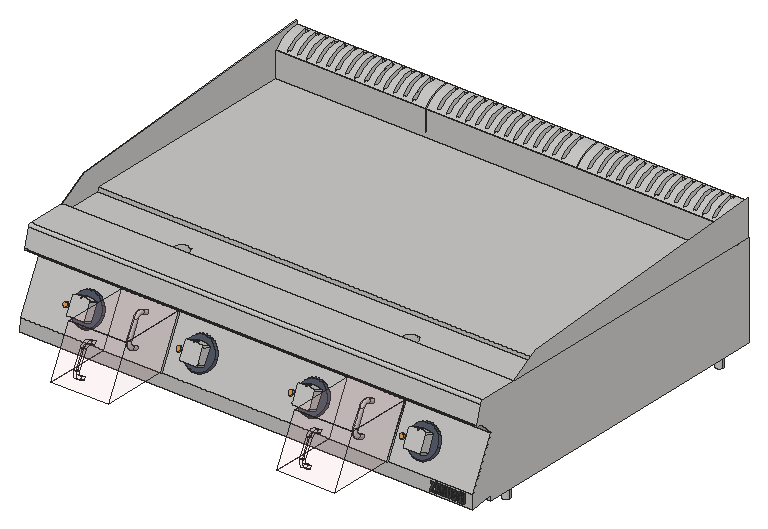
Revit family "QF_ZANUSSI_392404_Z9IIKDAOMIA", category Specialty Equipment, Revit 2018 (continued)
Automatic sketch dimensions
  plane 5 "FRONT" to curve 253 = 10.68 mm
  curve 269 to curve 255 = 1.333 mm
  curve 159 to curve 154 = 1.333 mm
  plane 5 "FRONT" to curve 143 = 10.68 mm
  curve 265 to curve 263 = 1.333 mm
  curve 143 to curve 138 = 1.333 mm
  curve 249 to curve 248 = 1.333 mm
  curve 159 to curve 145 = 1.333 mm
  curve 248 to curve 249 = 2.779 mm
  curve 145 to curve 146 = 2.779 mm
  curve 255 to curve 256 = 2.779 mm
  curve 138 to curve 139 = 2.779 mm
  curve 264 to curve 265 = 2.779 mm
  curve 129 to curve 130 = 2.779 mm
  curve 239 to curve 240 = 2.779 mm
  curve 154 to curve 155 = 2.779 mm
  curve 141 to plane 5 "FRONT" = 7.894 mm
  curve 242 to plane 5 "FRONT" = 7.894 mm
  curve 251 to plane 5 "FRONT" = 7.894 mm
  curve 148 to plane 5 "FRONT" = 7.894 mm
  curve 132 to plane 5 "FRONT" = 7.894 mm
  curve 157 to plane 5 "FRONT" = 7.894 mm
  curve 267 to plane 5 "FRONT" = 7.894 mm
  curve 258 to plane 5 "FRONT" = 7.894 mm
  curve 260 to plane 5 "FRONT" = 9.329 mm
  curve 244 to curve 241 = 41.91 mm
  curve 135 to curve 140 = 41.91 mm
  curve 241 to curve 250 = 0 mm
  curve 151 to curve 156 = 41.91 mm
  curve 261 to curve 266 = 41.91 mm
  curve 257 to curve 266 = 0 mm
  curve 131 to curve 140 = 0 mm
  curve 156 to curve 147 = 0 mm
  curve 7 to plane 5 "FRONT" = 137.461 mm
  curve 156 to curve 68 = 120.025 mm
  curve 140 to curve 270 = 120.025 mm
  curve 119 to curve 113 = 57.15 mm
  curve 114 to curve 118 = 0 mm
  curve 20 to curve 21 = 57.15 mm
  curve 117 to curve 121 = 0 mm
  curve 19 to curve 23 = 0 mm
  curve 17 to curve 20 = 0 mm
  curve 111 to curve 114 = 0 mm
  curve 81 to curve 87 = 57.15 mm
  curve 82 to curve 79 = 0 mm
  curve 108 to curve 110 = 0 mm
  curve 13 to curve 15 = 0 mm
  curve 78 to curve 76 = 0 mm
  curve 23 to curve 27 = 0 mm
  curve 103 to curve 105 = 0 mm
  curve 73 to curve 71 = 0 mm
  curve 121 to curve 100 = 0 mm
  curve 27 to curve 31 = 0 mm
  curve 97 to curve 95 = 0 mm
  curve 65 to curve 59 = 57.15 mm
  curve 94 to curve 91 = 0 mm
  curve 31 to curve 35 = 0 mm
  curve 64 to curve 61 = 0 mm
  curve 87 to curve 81 = 0 mm
  curve 35 to curve 39 = 0 mm
  curve 60 to curve 57 = 0 mm
  curve 43 to curve 47 = 57.15 mm
  curve 56 to curve 53 = 0 mm
  curve 50 to curve 43 = 0 mm
  curve 221 to curve 196 = 57.15 mm
  curve 217 to curve 220 = 0 mm
  curve 167 to curve 167 = 57.15 mm
  curve 213 to curve 216 = 0 mm
  curve 171 to curve 167 = 0 mm
  curve 209 to curve 212 = 0 mm
  curve 175 to curve 173 = 0 mm
  curve 206 to curve 208 = 0 mm
  curve 179 to curve 175 = 0 mm
  curve 201 to curve 203 = 0 mm
  curve 183 to curve 179 = 0 mm
  curve 219 to curve 198 = 0 mm
  curve 187 to curve 183 = 0 mm
  curve 193 to curve 187 = 0 mm
  plane 1 "BACK" to curve 199 = 6.761 mm
  plane 1 "BACK" to curve 186 = 6.761 mm
  plane 1 "BACK" to curve 207 = 6.761 mm
  plane 1 "BACK" to curve 173 = 6.761 mm
  plane 1 "BACK" to curve 215 = 6.761 mm
  plane 1 "BACK" to curve 46 = 6.761 mm
  plane 1 "BACK" to curve 219 = 6.761 mm
  plane 1 "BACK" to curve 83 = 6.761 mm
  plane 1 "BACK" to curve 55 = 6.761 mm
  plane 1 "BACK" to curve 41 = 6.761 mm
  plane 1 "BACK" to curve 38 = 6.761 mm
  plane 1 "BACK" to curve 34 = 6.761 mm
  plane 1 "BACK" to curve 63 = 6.761 mm
  plane 1 "BACK" to curve 73 = 6.761 mm
  plane 1 "BACK" to curve 26 = 6.761 mm
  plane 1 "BACK" to curve 77 = 6.761 mm
  plane 1 "BACK" to curve 120 = 6.761 mm
  plane 1 "BACK" to curve 17 = 6.761 mm
  plane 1 "BACK" to curve 14 = 6.761 mm
  plane 1 "BACK" to curve 104 = 6.761 mm
  plane 1 "BACK" to curve 99 = 6.761 mm
  plane 1 "BACK" to curve 96 = 6.761 mm
  curve 2 to plane 1 "BACK" = 100 mm
  curve 131 to curve 128 = 9.809 mm
  curve 133 to curve 132 = 0.284 mm
  curve 141 to curve 142 = 0.284 mm
  curve 137 to curve 140 = 9.809 mm
  curve 270 to curve 270 = 20 mm
  curve 241 to curve 238 = 9.809 mm
  curve 242 to curve 242 = 0.284 mm
  curve 251 to curve 252 = 0.284 mm
  curve 247 to curve 250 = 9.809 mm
  curve 257 to curve 254 = 9.809 mm
  curve 259 to curve 258 = 0.284 mm
  curve 267 to curve 267 = 0.284 mm
  curve 263 to curve 266 = 9.809 mm
  curve 68 to curve 67 = 20 mm
  curve 223 to curve 191 = 4.164 mm
  curve 156 to curve 153 = 9.809 mm
  curve 157 to curve 157 = 0.284 mm
  curve 148 to curve 149 = 0.284 mm
  curve 144 to curve 147 = 9.809 mm
  curve 132 to curve 132 = 0.567 mm
  curve 148 to curve 148 = 0.567 mm
  curve 267 to curve 267 = 0.567 mm
  curve 242 to curve 242 = 0.567 mm
  curve 251 to curve 251 = 0.567 mm
  curve 141 to curve 141 = 0.567 mm
  curve 258 to curve 258 = 0.567 mm
  curve 157 to curve 157 = 0.567 mm
  curve 132 to curve 131 = 1.156 mm
  curve 9 to curve 12 = 7.527 mm
  curve 223 to curve 191 = 5.939 mm
  Extrusion 1 sketch curve to plane 5 "FRONT" = 0 mm
  Extrusion 1 sketch curve to plane 1 "BACK" = 0 mm
  Extrusion 1 sketch curve to plane 5 "FRONT" = 15.116 mm
  Extrusion 1 sketch curve to Extrusion 1 sketch curve = 2.884 mm
  Extrusion 1 sketch curve to Extrusion 1 sketch curve = 10.198 mm
  Extrusion 1 sketch curve to plane 15 = 7.474 mm  (x2)
  Extrusion 1 sketch curve to plane 5 "FRONT" = 28.167 mm
  Extrusion 1 sketch curve to Extrusion 1 sketch curve = 7.474 mm
  Extrusion 1 sketch curve to plane 5 "FRONT" = 56.355 mm
  Extrusion 1 sketch curve to Extrusion 1 sketch curve = 0.445 mm
  Extrusion 1 sketch curve to Extrusion 1 sketch curve = 3.2 mm
  Extrusion 1 sketch curve to Extrusion 1 sketch curve = 31.82 mm  (x2)
  Extrusion 1 sketch curve to Extrusion 1 sketch curve = 45.515 mm
  Extrusion 1 sketch curve to Extrusion 1 sketch curve = 0.827 mm
  Extrusion 1 sketch curve to Extrusion 1 sketch curve = 120.856 mm
  Extrusion 1 sketch curve to Extrusion 1 sketch curve = 27.08 mm
  Extrusion 1 sketch curve to Extrusion 1 sketch curve = 35 mm
  Extrusion 1 sketch curve to Extrusion 1 sketch curve = 10.259 mm
  Extrusion 2 sketch curve to plane 13 = 0 mm  (x2)
  Extrusion 2 sketch curve to plane 14 = 0 mm  (x2)
  Extrusion 2 sketch curve to plane 5 "FRONT" = 125 mm  (x2)
  plane 1 "BACK" to Extrusion 2 sketch curve = 82 mm  (x2)
  plane 3 "LEFT" to Extrusion 3 sketch curve = 1.588 mm
  plane 1 "BACK" to Extrusion 3 sketch curve = 69.85 mm
  Extrusion 3 sketch curve to Extrusion 3 sketch curve = 1.588 mm
  plane 4 "RIGHT" to Extrusion 3 sketch curve = 1.588 mm
  plane 4 "RIGHT" to Extrusion 4 sketch curve = 1.588 mm
  plane 1 "BACK" to Extrusion 4 sketch curve = 71.438 mm
  plane 3 "LEFT" to Extrusion 4 sketch curve = 1.588 mm
  Extrusion 4 sketch curve to plane 5 "FRONT" = 137.461 mm
  plane 14 to Extrusion 5 sketch curve = 45 mm
  Extrusion 5 sketch curve to plane 8 "Center X" = 196.5 mm
  plane 5 "FRONT" to Extrusion 6 sketch curve = 0 mm  (x2)
  Extrusion 6 sketch curve to plane 3 "LEFT" = 0 mm
  Extrusion 6 sketch curve to plane 4 "RIGHT" = 0 mm
  plane 1 "BACK" to Extrusion 6 sketch curve = 0 mm
  Extrusion 6 sketch curve to plane 3 "LEFT" = 150 mm
  Extrusion 6 sketch curve to plane 4 "RIGHT" = 150 mm
  Extrusion 6 sketch curve to plane 1 "BACK" = 100 mm
  Extrusion 7 sketch curve to plane 15 = 21.588 mm
  Extrusion 7 sketch curve to plane 5 "FRONT" = 255 mm
  plane 1 "BACK" to Extrusion 7 sketch curve = 71.438 mm
  Extrusion 7 sketch curve to Extrusion 7 sketch curve = 11.294 mm
  plane 14 to Extrusion 8 sketch curve = 290.6 mm
  Extrusion 8 sketch curve to plane 5 "FRONT" = 171.264 mm
  Extrusion 9 sketch curve to plane 15 = 0 mm
  Extrusion 9 sketch curve to plane 1 "BACK" = 0 mm
  Extrusion 9 sketch curve to plane 16 = 0 mm
  plane 15 to Extrusion 9 sketch curve = 42.5 mm
  Extrusion 9 sketch curve to plane 5 "FRONT" = 211.073 mm
  Extrusion 9 sketch curve to Extrusion 9 sketch curve = 73.612 mm
  Extrusion 10 sketch curve to plane 15 = 0 mm
  Extrusion 10 sketch curve to plane 1 "BACK" = 0 mm
  plane 1 "BACK" to Extrusion 10 sketch curve = 4.947 mm
  Extrusion 10 sketch curve to plane 16 = 39 mm
  plane 1 "BACK" to Extrusion 10 sketch curve = 69.85 mm
  plane 15 to Extrusion 10 sketch curve = 4.793 mm
  plane 1 "BACK" to Extrusion 11 sketch curve = 6.761 mm  (x14)
  Extrusion 11 sketch curve to Extrusion 11 sketch curve = 57.15 mm
  Extrusion 11 sketch curve to Extrusion 11 sketch curve = 0 mm  (x13)
  plane 13 to Extrusion 11 sketch curve = 18.703 mm
  Extrusion 11 sketch curve to Extrusion 11 sketch curve = 9.296 mm  (x14)
  Extrusion 11 sketch curve to Extrusion 11 sketch curve = 16.193 mm  (x13)
  Extrusion 12 sketch curve to plane 15 = 0 mm
  Extrusion 12 sketch curve to plane 1 "BACK" = 0 mm
  plane 1 "BACK" to Extrusion 12 sketch curve = 4.947 mm
  Extrusion 12 sketch curve to plane 16 = 39 mm
  plane 1 "BACK" to Extrusion 12 sketch curve = 69.85 mm
  Extrusion 12 sketch curve to plane 16 = 8.3 mm
  plane 1 "BACK" to Extrusion 13 sketch curve = 6.761 mm  (x14)
  Extrusion 13 sketch curve to plane 7 "Center Y" = 21.274 mm
  Extrusion 13 sketch curve to Extrusion 13 sketch curve = 57.15 mm
  plane 7 "Center Y" to Extrusion 13 sketch curve = 4.214 mm
  Extrusion 13 sketch curve to Extrusion 13 sketch curve = 0 mm  (x13)
  Extrusion 13 sketch curve to Extrusion 13 sketch curve = 16.193 mm  (x12)
  Extrusion 13 sketch curve to Extrusion 13 sketch curve = 9.296 mm  (x14)
  plane 13 to Blend 14 sketch curve = 144 mm  (x2)
  plane 13 to Extrusion 15 sketch curve = 121 mm
  Extrusion 15 sketch curve to Extrusion 15 sketch curve = 2.997 mm  (x3)
  Extrusion 15 sketch curve to Extrusion 15 sketch curve = 20.003 mm  (x2)
  Extrusion 15 sketch curve to Extrusion 15 sketch curve = 40.005 mm
  Extrusion 15 sketch curve to Extrusion 15 sketch curve = 5.399 mm
  Extrusion 15 sketch curve to Extrusion 15 sketch curve = 40.037 mm
  Extrusion 15 sketch curve to Extrusion 15 sketch curve = 0 mm  (x2)
  plane 13 to Extrusion 16 sketch curve = 126.5 mm
  Extrusion 16 sketch curve to Extrusion 16 sketch curve = 35 mm  (x2)
  Extrusion 17 sketch curve to plane 5 "FRONT" = 9.329 mm
  Extrusion 17 sketch curve to plane 15 = 112.016 mm
  Extrusion 17 sketch curve to Extrusion 17 sketch curve = 3 mm
  Extrusion 17 sketch curve to Extrusion 17 sketch curve = 0 mm
  Extrusion 17 sketch curve to Extrusion 17 sketch curve = 1 mm  (x2)
  Extrusion 17 sketch curve to Extrusion 17 sketch curve = 15 mm
  plane 13 to Extrusion 18 sketch curve = 88.999 mm
  plane 14 to Blend 19 sketch curve = 141.5 mm  (x2)
  plane 14 to Extrusion 20 sketch curve = 164.5 mm
  Extrusion 20 sketch curve to Extrusion 20 sketch curve = 2.997 mm  (x3)
  Extrusion 20 sketch curve to Extrusion 20 sketch curve = 20.003 mm  (x2)
  Extrusion 20 sketch curve to Extrusion 20 sketch curve = 40.005 mm
  Extrusion 20 sketch curve to Extrusion 20 sketch curve = 5.399 mm
  Extrusion 20 sketch curve to Extrusion 20 sketch curve = 40.037 mm
  Extrusion 20 sketch curve to Extrusion 20 sketch curve = 0 mm  (x2)
  plane 14 to Extrusion 21 sketch curve = 159 mm
  Extrusion 21 sketch curve to Extrusion 21 sketch curve = 35 mm  (x2)
  Extrusion 22 sketch curve to plane 5 "FRONT" = 9.329 mm
  Extrusion 22 sketch curve to plane 15 = 112.016 mm
  Extrusion 22 sketch curve to Extrusion 22 sketch curve = 3 mm
  Extrusion 22 sketch curve to Extrusion 22 sketch curve = 0 mm
  Extrusion 22 sketch curve to Extrusion 22 sketch curve = 1 mm  (x2)
  Extrusion 22 sketch curve to Extrusion 22 sketch curve = 15 mm
  plane 14 to Extrusion 23 sketch curve = 196.501 mm
  plane 13 to Extrusion 24 sketch curve = 213 mm
  Extrusion 24 sketch curve to Extrusion 24 sketch curve = 135 mm
  Extrusion 24 sketch curve to Extrusion 24 sketch curve = 152 mm
  Sweep 25 sketch curve to plane 5 "FRONT" = 28.401 mm
  Sweep 25 sketch curve to plane 15 = 108.706 mm
  Sweep 25 sketch curve to Sweep 25 sketch curve = 10.999 mm  (x2)
  Sweep 25 sketch curve to Sweep 25 sketch curve = 46.803 mm
  Sweep 25 sketch curve to Sweep 25 sketch curve = 15.875 mm  (x2)
  Sweep 25 sketch curve to profile plane = 0 mm
  profile plane to Sweep 25 sketch curve = 4.691 mm
  plane 9 to Extrusion 26 sketch curve = 73.078 mm
  Extrusion 26 sketch curve to plane 15 = 87.017 mm
  Extrusion 26 sketch curve to Extrusion 26 sketch curve = 156.574 mm
  Extrusion 26 sketch curve to Extrusion 26 sketch curve = 57.244 mm
  Extrusion 26 sketch curve to Extrusion 26 sketch curve = 135 mm  (x2)
  Extrusion 27 sketch curve to Extrusion 27 sketch curve = 0 mm  (x6)
  plane 9 to Extrusion 27 sketch curve = 23.322 mm
  Extrusion 27 sketch curve to plane 15 = 105.731 mm
  Extrusion 27 sketch curve to Extrusion 27 sketch curve = 9.4 mm  (x2)
  Extrusion 27 sketch curve to Extrusion 27 sketch curve = 10.485 mm  (x2)
  Extrusion 27 sketch curve to Extrusion 27 sketch curve = 16.355 mm  (x2)
  Extrusion 27 sketch curve to Extrusion 27 sketch curve = 47.769 mm
  Extrusion 27 sketch curve to Extrusion 27 sketch curve = 0.014 mm
  Extrusion 27 sketch curve to Extrusion 27 sketch curve = 9.369 mm
  Extrusion 27 sketch curve to Extrusion 27 sketch curve = 0.044 mm
  Extrusion 28 sketch curve to plane 15 = 0 mm
  Extrusion 28 sketch curve to plane 1 "BACK" = 0 mm
  plane 1 "BACK" to Extrusion 28 sketch curve = 4.947 mm
  Extrusion 28 sketch curve to plane 16 = 39 mm
  plane 1 "BACK" to Extrusion 28 sketch curve = 69.85 mm
  Extrusion 28 sketch curve to plane 16 = 8.3 mm
  plane 1 "BACK" to Extrusion 29 sketch curve = 6.761 mm  (x14)
  Extrusion 29 sketch curve to Extrusion 29 sketch curve = 57.15 mm
  Extrusion 29 sketch curve to Extrusion 29 sketch curve = 0 mm  (x13)
  plane 7 "Center Y" to Extrusion 29 sketch curve = 225.796 mm
  Extrusion 29 sketch curve to Extrusion 29 sketch curve = 9.296 mm  (x14)
  Extrusion 29 sketch curve to Extrusion 29 sketch curve = 16.193 mm  (x13)
  Extrusion 1 to Extrusion 30 sketch curve = 41 mm
  Extrusion 1 to Extrusion 30 sketch curve = 47 mm
  plane 7 "Center Y" to Extrusion 31 sketch curve = 224 mm
  Extrusion 31 sketch curve to Extrusion 31 sketch curve = 135 mm
  Extrusion 31 sketch curve to Extrusion 31 sketch curve = 152 mm
  Sweep 32 sketch curve to plane 5 "FRONT" = 28.401 mm
  Sweep 32 sketch curve to plane 15 = 108.706 mm
  Sweep 32 sketch curve to Sweep 32 sketch curve = 10.999 mm  (x2)
  Sweep 32 sketch curve to Sweep 32 sketch curve = 46.803 mm
  Sweep 32 sketch curve to Sweep 32 sketch curve = 15.875 mm  (x2)
  Sweep 32 sketch curve to profile plane = 0 mm
  profile plane to Sweep 32 sketch curve = 4.691 mm
  Blend 33 sketch curve to plane 7 "Center Y" = 145 mm  (x2)
  Extrusion 34 sketch curve to plane 7 "Center Y" = 168 mm
  Extrusion 34 sketch curve to Extrusion 34 sketch curve = 2.997 mm  (x3)
  Extrusion 34 sketch curve to Extrusion 34 sketch curve = 20.003 mm  (x2)
  Extrusion 34 sketch curve to Extrusion 34 sketch curve = 40.005 mm
  Extrusion 34 sketch curve to Extrusion 34 sketch curve = 5.399 mm
  Extrusion 34 sketch curve to Extrusion 34 sketch curve = 40.037 mm
  Extrusion 34 sketch curve to Extrusion 34 sketch curve = 0 mm  (x2)
  Extrusion 35 sketch curve to plane 7 "Center Y" = 162.5 mm
  Extrusion 35 sketch curve to Extrusion 35 sketch curve = 35 mm  (x2)
  Extrusion 36 sketch curve to plane 5 "FRONT" = 9.329 mm
  Extrusion 36 sketch curve to plane 15 = 112.016 mm
  Extrusion 36 sketch curve to Extrusion 36 sketch curve = 3 mm
  Extrusion 36 sketch curve to Extrusion 36 sketch curve = 0 mm
  Extrusion 36 sketch curve to Extrusion 36 sketch curve = 1 mm  (x2)
  Extrusion 36 sketch curve to Extrusion 36 sketch curve = 15 mm
  Extrusion 37 sketch curve to plane 7 "Center Y" = 200.001 mm
  plane 7 "Center Y" to Blend 38 sketch curve = 152.5 mm  (x2)
  plane 7 "Center Y" to Extrusion 39 sketch curve = 129.5 mm
  Extrusion 39 sketch curve to Extrusion 39 sketch curve = 2.997 mm  (x3)
  Extrusion 39 sketch curve to Extrusion 39 sketch curve = 20.003 mm  (x2)
  Extrusion 39 sketch curve to Extrusion 39 sketch curve = 40.005 mm
  Extrusion 39 sketch curve to Extrusion 39 sketch curve = 5.399 mm
  Extrusion 39 sketch curve to Extrusion 39 sketch curve = 40.037 mm
  Extrusion 39 sketch curve to Extrusion 39 sketch curve = 0 mm  (x2)
  plane 7 "Center Y" to Extrusion 40 sketch curve = 135 mm
  Extrusion 40 sketch curve to Extrusion 40 sketch curve = 35 mm  (x2)
  Extrusion 41 sketch curve to plane 5 "FRONT" = 9.329 mm
  Extrusion 41 sketch curve to plane 15 = 112.016 mm
  Extrusion 41 sketch curve to Extrusion 41 sketch curve = 3 mm
  Extrusion 41 sketch curve to Extrusion 41 sketch curve = 0 mm
  Extrusion 41 sketch curve to Extrusion 41 sketch curve = 1 mm  (x2)
  Extrusion 41 sketch curve to Extrusion 41 sketch curve = 15 mm
  plane 7 "Center Y" to Extrusion 42 sketch curve = 97.499 mm
  plane 9 to Extrusion 43 sketch curve = 73.078 mm
  Extrusion 43 sketch curve to plane 15 = 87.017 mm
  Extrusion 43 sketch curve to Extrusion 43 sketch curve = 156.574 mm
  Extrusion 43 sketch curve to Extrusion 43 sketch curve = 57.244 mm
  Extrusion 43 sketch curve to Extrusion 43 sketch curve = 135 mm  (x2)
  Extrusion 44 sketch curve to Extrusion 44 sketch curve = 0 mm  (x6)
  plane 9 to Extrusion 44 sketch curve = 23.322 mm
  Extrusion 44 sketch curve to plane 15 = 105.731 mm
  Extrusion 44 sketch curve to Extrusion 44 sketch curve = 9.4 mm  (x2)
  Extrusion 44 sketch curve to Extrusion 44 sketch curve = 10.485 mm  (x2)
  Extrusion 44 sketch curve to Extrusion 44 sketch curve = 16.355 mm  (x2)
  Extrusion 44 sketch curve to Extrusion 44 sketch curve = 47.769 mm
  Extrusion 44 sketch curve to Extrusion 44 sketch curve = 0.014 mm
  Extrusion 44 sketch curve to Extrusion 44 sketch curve = 9.369 mm
  Extrusion 44 sketch curve to Extrusion 44 sketch curve = 0.044 mm
  plane 13 to Extrusion 45 sketch curve = 280.6 mm
  Extrusion 45 sketch curve to plane 5 "FRONT" = 171.264 mm
  Extrusion 46 sketch curve to plane 15 = 0 mm
  Extrusion 46 sketch curve to plane 1 "BACK" = 0 mm
  Extrusion 46 sketch curve to plane 16 = 0 mm
  plane 15 to Extrusion 46 sketch curve = 42.5 mm
  Extrusion 46 sketch curve to plane 5 "FRONT" = 211.073 mm
  Extrusion 46 sketch curve to Extrusion 46 sketch curve = 73.612 mm
  curve 7 to curve 272 = 117.539 mm
  radius of Extrusion 2 sketch curve = 9.525 mm  (x4)
  radius of Extrusion 5 sketch curve = 6.35 mm  (x2)
  radius of Extrusion 8 sketch curve = 20 mm
  radius of Blend 14 sketch curve = 42.5 mm
  radius of Blend 14 sketch curve = 40.5 mm
  radius of Split face 1 sketch curve = 1.5 mm
  radius of Split face 2 sketch curve = 1.5 mm
  radius of Split face 3 sketch curve = 1.5 mm
  radius of Split face 4 sketch curve = 1.5 mm
  radius of Split face 5 sketch curve = 1.5 mm
  radius of Split face 6 sketch curve = 1.5 mm
  radius of Split face 7 sketch curve = 1.5 mm
  radius of Split face 8 sketch curve = 1.5 mm
  radius of Split face 9 sketch curve = 1.5 mm
  radius of Extrusion 18 sketch curve = 6 mm
  radius of Blend 19 sketch curve = 42.5 mm
  radius of Blend 19 sketch curve = 40.5 mm
  radius of Extrusion 23 sketch curve = 6 mm
  radius of Sweep 25 sketch curve = 4.691 mm
  radius of Extrusion 30 sketch curve = 6.5 mm
  radius of Sweep 32 sketch curve = 4.691 mm
  radius of Blend 33 sketch curve = 42.5 mm
  radius of Blend 33 sketch curve = 40.5 mm
  radius of Split face 10 sketch curve = 1.5 mm
  radius of Split face 11 sketch curve = 1.5 mm
  radius of Split face 12 sketch curve = 1.5 mm
  radius of Split face 13 sketch curve = 1.5 mm
  radius of Split face 14 sketch curve = 1.5 mm
  radius of Split face 15 sketch curve = 1.5 mm
  radius of Split face 16 sketch curve = 1.5 mm
  radius of Split face 17 sketch curve = 1.5 mm
  radius of Split face 18 sketch curve = 1.5 mm
  radius of Extrusion 37 sketch curve = 6 mm
  radius of Blend 38 sketch curve = 42.5 mm
  radius of Blend 38 sketch curve = 40.5 mm
  radius of Extrusion 42 sketch curve = 6 mm
  radius of Extrusion 45 sketch curve = 20 mm
Nested families
  nested 1: "ZAN_Logo_S" at (1133.976, -915, 673.49) x (1, 0, 0) z (0, -1, 0), type "ZAN_Logo_S"
Connectors
  electrical at (1144, -50, 645)
    settings: on Extrusion 5, index 1, voltage 400 V, apparent load 15000 VA, apparent load phase1 0 VA, apparent load phase2 0 VA, apparent load phase3 0 VA, power factor 1, load classification "Other", number of poles 1, system type 30, power factor state 1, is connector primary yes, connector utility no, sub classification motor no, connector description "ELECTRICAL CONNECTION"
  electrical at (1153, 10, 691)
    settings: on Extrusion 30, index 2, voltage 0 V, apparent load 0 VA, apparent load phase1 0 VA, apparent load phase2 0 VA, apparent load phase3 0 VA, power factor 1, load classification "Altro", number of poles 1, system type 30, power factor state 1, is connector primary no, connector utility no, sub classification motor no, connector description "ELECTRICAL CONNECTION"
  electrical at (1144, -654, 645)
    settings: on Extrusion 5, index 3, voltage 0 V, apparent load 0 VA, apparent load phase1 0 VA, apparent load phase2 0 VA, apparent load phase3 0 VA, power factor 1, load classification "Altro", number of poles 1, system type 30, power factor state 1, is connector primary no, connector utility no, sub classification motor no, connector description "ELECTRICAL CONNECTION"
Definition of nested family "ZAN_Logo_S"
  Parameters (values of type "ZAN_Logo_S")
    materiale [instance] = none
    Default Elevation = 0 mm
  Reference planes
    plane 1 "Centro (Fronte/Retro)": y = 0
    plane 2: z = 0
    plane 3 "Centro (Sinistra/Destra)": x = 0
    plane 4: x = 60.13
  Forms (mm)
    Extrusion 1, solid
      sketch origin (0, 0, 0) x (1, 0, 0) y (0, 1, 0)
        loop
          line (-1219.2, 1219.2) -> (-1219.2, -1219.2) -> (1219.2, -1219.2) -> (1219.2, 1219.2) -> (-1219.2, 1219.2)
      from 0 to -304.8
    Extrusion 2, solid, material <- "materiale"
      sketch origin (17.793, -46.218, 0) x (-1, 0, 0) y (0, -1, 0)
        loop
          spline (-4.176, -58.079) -> (-3.496, -58.328) -> (-2.793, -58.512) -> (-2.075, -58.63) -> (-1.348, -58.682) -> (-0.619, -58.669) -> (0.106, -58.588) -> (0.818, -58.44) -> (1.512, -58.225) -> (2.18, -57.941) -> (2.817, -57.589) -> (3.414, -57.167) -> (3.966, -56.676)
          spline (3.966, -56.676) -> (4.293, -56.162) -> (4.575, -55.61) -> (4.81, -55.026) -> (5, -54.419) -> (5.146, -53.797) -> (5.247, -53.166) -> (5.304, -52.536) -> (5.318, -51.913) -> (5.288, -51.306) -> (5.217, -50.723) -> (5.103, -50.17) -> (4.949, -49.657)
          line (4.949, -49.657) -> (2.702, -46.428) -> (0.316, -44.323)
          spline (0.316, -44.323) -> (0.065, -44.115) -> (-0.195, -43.909) -> (-0.46, -43.704) -> (-0.729, -43.496) -> (-0.997, -43.282) -> (-1.263, -43.059) -> (-1.523, -42.825) -> (-1.774, -42.576) -> (-2.013, -42.309) -> (-2.238, -42.022) -> (-2.445, -41.712) -> (-2.632, -41.375)
          spline (-2.632, -41.375) -> (-2.666, -41.159) -> (-2.697, -40.934) -> (-2.722, -40.701) -> (-2.736, -40.465) -> (-2.736, -40.227) -> (-2.72, -39.989) -> (-2.682, -39.754) -> (-2.621, -39.524) -> (-2.533, -39.302) -> (-2.414, -39.091) -> (-2.261, -38.892) -> (-2.07, -38.708)
          line (-2.07, -38.708) -> (-0.245, -38.567)
          spline (-0.245, -38.567) -> (0.096, -38.8) -> (0.354, -39.074) -> (0.54, -39.381) -> (0.664, -39.716) -> (0.738, -40.073) -> (0.772, -40.445) -> (0.777, -40.825) -> (0.763, -41.208) -> (0.742, -41.588) -> (0.723, -41.957) -> (0.718, -42.309) -> (0.737, -42.638)
          line (0.737, -42.638) -> (5.65, -42.638)
          spline (5.65, -42.638) -> (5.708, -42.042) -> (5.741, -41.448) -> (5.747, -40.857) -> (5.723, -40.273) -> (5.668, -39.696) -> (5.58, -39.129) -> (5.457, -38.574) -> (5.297, -38.032) -> (5.098, -37.506) -> (4.857, -36.997) -> (4.574, -36.508) -> (4.247, -36.041)
          spline (4.247, -36.041) -> (3.844, -35.675) -> (3.409, -35.35) -> (2.946, -35.065) -> (2.458, -34.819) -> (1.949, -34.612) -> (1.421, -34.444) -> (0.88, -34.314) -> (0.326, -34.221) -> (-0.234, -34.165) -> (-0.8, -34.146) -> (-1.366, -34.163) -> (-1.93, -34.216)
          spline (-1.93, -34.216) -> (-2.526, -34.309) -> (-3.116, -34.448) -> (-3.695, -34.633) -> (-4.259, -34.861) -> (-4.801, -35.131) -> (-5.316, -35.444) -> (-5.799, -35.798) -> (-6.245, -36.191) -> (-6.648, -36.624) -> (-7.002, -37.095) -> (-7.303, -37.603) -> (-7.545, -38.146)
          spline (-7.545, -38.146) -> (-7.694, -38.815) -> (-7.792, -39.487) -> (-7.839, -40.158) -> (-7.836, -40.824) -> (-7.785, -41.482) -> (-7.685, -42.129) -> (-7.539, -42.762) -> (-7.347, -43.377) -> (-7.111, -43.97) -> (-6.83, -44.538) -> (-6.506, -45.078) -> (-6.141, -45.586)
          line (-6.141, -45.586) -> (-0.526, -50.64) -> (0.176, -51.482)
          spline (0.176, -51.482) -> (0.248, -51.66) -> (0.323, -51.843) -> (0.397, -52.03) -> (0.467, -52.22) -> (0.529, -52.412) -> (0.579, -52.605) -> (0.615, -52.798) -> (0.633, -52.989) -> (0.63, -53.179) -> (0.601, -53.366) -> (0.545, -53.55) -> (0.456, -53.728)
          spline (0.456, -53.728) -> (0.375, -53.892) -> (0.273, -54.034) -> (0.154, -54.155) -> (0.02, -54.258) -> (-0.126, -54.343) -> (-0.28, -54.412) -> (-0.441, -54.466) -> (-0.604, -54.508) -> (-0.767, -54.537) -> (-0.928, -54.556) -> (-1.082, -54.567) -> (-1.228, -54.57)
          line (-1.228, -54.57) -> (-2.632, -53.587) -> (-2.772, -50.64) -> (-7.405, -50.64)
          spline (-7.405, -50.64) -> (-7.41, -51.031) -> (-7.423, -51.432) -> (-7.44, -51.839) -> (-7.456, -52.251) -> (-7.469, -52.665) -> (-7.475, -53.079) -> (-7.468, -53.489) -> (-7.446, -53.894) -> (-7.404, -54.291) -> (-7.339, -54.679) -> (-7.247, -55.053) -> (-7.123, -55.412)
          spline (-7.123, -55.412) -> (-6.999, -55.693) -> (-6.837, -55.97) -> (-6.643, -56.244) -> (-6.422, -56.509) -> (-6.177, -56.765) -> (-5.913, -57.009) -> (-5.634, -57.238) -> (-5.346, -57.45) -> (-5.051, -57.643) -> (-4.755, -57.814) -> (-4.462, -57.96) -> (-4.176, -58.079)
        loop
          spline (-21.021, -55.552) -> (-20.633, -56.181) -> (-20.177, -56.736) -> (-19.661, -57.217) -> (-19.092, -57.627) -> (-18.478, -57.966) -> (-17.827, -58.237) -> (-17.147, -58.441) -> (-16.446, -58.578) -> (-15.73, -58.652) -> (-15.009, -58.662) -> (-14.29, -58.611) -> (-13.581, -58.5)
          spline (-13.581, -58.5) -> (-13.088, -58.407) -> (-12.595, -58.269) -> (-12.109, -58.088) -> (-11.636, -57.866) -> (-11.183, -57.605) -> (-10.756, -57.307) -> (-10.361, -56.974) -> (-10.004, -56.608) -> (-9.692, -56.211) -> (-9.431, -55.784) -> (-9.228, -55.33) -> (-9.089, -54.851)
          spline (-9.089, -54.851) -> (-8.873, -54.211) -> (-8.715, -53.559) -> (-8.615, -52.901) -> (-8.574, -52.241) -> (-8.592, -51.585) -> (-8.668, -50.938) -> (-8.802, -50.306) -> (-8.995, -49.693) -> (-9.247, -49.106) -> (-9.557, -48.55) -> (-9.925, -48.03) -> (-10.352, -47.551)
          line (-10.352, -47.551) -> (-15.546, -42.919) -> (-16.669, -41.234)
          spline (-16.669, -41.234) -> (-16.704, -41.021) -> (-16.735, -40.804) -> (-16.761, -40.583) -> (-16.778, -40.361) -> (-16.784, -40.139) -> (-16.774, -39.919) -> (-16.748, -39.701) -> (-16.7, -39.488) -> (-16.63, -39.28) -> (-16.533, -39.08) -> (-16.406, -38.889) -> (-16.248, -38.708)
          line (-16.248, -38.708) -> (-14.844, -38.427)
          spline (-14.844, -38.427) -> (-14.347, -38.545) -> (-13.969, -38.749) -> (-13.695, -39.028) -> (-13.508, -39.368) -> (-13.393, -39.757) -> (-13.335, -40.182) -> (-13.318, -40.63) -> (-13.326, -41.089) -> (-13.344, -41.546) -> (-13.356, -41.988) -> (-13.347, -42.403) -> (-13.3, -42.779)
          line (-13.3, -42.779) -> (-8.387, -42.638)
          spline (-8.387, -42.638) -> (-8.326, -42.034) -> (-8.288, -41.417) -> (-8.277, -40.794) -> (-8.299, -40.169) -> (-8.357, -39.548) -> (-8.457, -38.936) -> (-8.604, -38.339) -> (-8.803, -37.762) -> (-9.058, -37.21) -> (-9.375, -36.689) -> (-9.758, -36.204) -> (-10.212, -35.76)
          spline (-10.212, -35.76) -> (-10.793, -35.336) -> (-11.409, -34.976) -> (-12.054, -34.679) -> (-12.723, -34.445) -> (-13.409, -34.273) -> (-14.107, -34.163) -> (-14.811, -34.115) -> (-15.515, -34.127) -> (-16.213, -34.2) -> (-16.899, -34.333) -> (-17.568, -34.526) -> (-18.213, -34.777)
          spline (-18.213, -34.777) -> (-18.496, -34.897) -> (-18.783, -35.044) -> (-19.071, -35.216) -> (-19.357, -35.412) -> (-19.639, -35.629) -> (-19.915, -35.865) -> (-20.182, -36.119) -> (-20.438, -36.389) -> (-20.681, -36.672) -> (-20.907, -36.967) -> (-21.115, -37.272) -> (-21.301, -37.585)
          spline (-21.301, -37.585) -> (-21.55, -38.26) -> (-21.734, -38.948) -> (-21.854, -39.647) -> (-21.91, -40.351) -> (-21.901, -41.057) -> (-21.828, -41.761) -> (-21.69, -42.459) -> (-21.489, -43.148) -> (-21.222, -43.823) -> (-20.892, -44.48) -> (-20.497, -45.116) -> (-20.038, -45.726)
          line (-20.038, -45.726) -> (-14.142, -51.061) -> (-13.44, -52.886) -> (-14.002, -54.289) -> (-15.265, -54.57) -> (-16.669, -53.587) -> (-16.81, -50.78) -> (-21.582, -50.64)
          spline (-21.582, -50.64) -> (-21.558, -51.063) -> (-21.55, -51.491) -> (-21.554, -51.92) -> (-21.561, -52.35) -> (-21.567, -52.778) -> (-21.565, -53.201) -> (-21.547, -53.619) -> (-21.509, -54.029) -> (-21.444, -54.43) -> (-21.345, -54.818) -> (-21.206, -55.193) -> (-21.021, -55.552)
        loop
          line (-22.424, -34.216) -> (-27.337, -34.216) -> (-27.337, -58.22) -> (-22.424, -58.22) -> (-22.424, -34.216)
        loop
          line (14.213, -39.971) -> (14.213, -58.22) -> (19.126, -58.22) -> (19.126, -42.077) -> (18.845, -38.146) -> (18.424, -37.164) -> (17.442, -35.9) -> (16.459, -35.199) -> (14.494, -34.356) -> (13.511, -34.216) -> (11.265, -34.216) -> (10.142, -34.497) -> (8.458, -35.479) -> (6.493, -38.287) -> (6.352, -39.269) -> (6.352, -58.22) -> (11.265, -58.22) -> (11.265, -40.392) -> (11.827, -39.129) -> (13.371, -38.988) -> (14.213, -39.971)
        loop
          line (20.249, -58.22) -> (24.741, -58.22) -> (24.741, -42.919) -> (28.812, -58.22) -> (34.006, -58.22) -> (34.006, -34.216) -> (29.654, -34.216) -> (29.654, -50.078) -> (25.583, -34.216) -> (20.249, -34.216) -> (20.249, -58.22)
        loop
          line (50.149, -58.22) -> (62.361, -58.22) -> (62.361, -53.728) -> (55.904, -53.868) -> (62.923, -39.129) -> (62.923, -34.216) -> (50.149, -34.216) -> (50.149, -39.129) -> (57.517, -39.129) -> (50.149, -54.149) -> (50.149, -58.22)
        loop
          line (38.778, -58.22) -> (45.516, -58.22) -> (49.868, -34.216) -> (44.814, -34.216) -> (44.113, -38.848) -> (40.042, -38.848) -> (39.34, -34.216) -> (34.286, -34.216) -> (38.778, -58.22)
        loop
          line (43.551, -43.2) -> (40.744, -43.2) -> (42.147, -54.117) -> (43.551, -43.2)
      from 0 to 1.644
  Dimensions and locks
    aligned and locked: plane 2 to Extrusion 1
    aligned and locked: level to Extrusion 1
